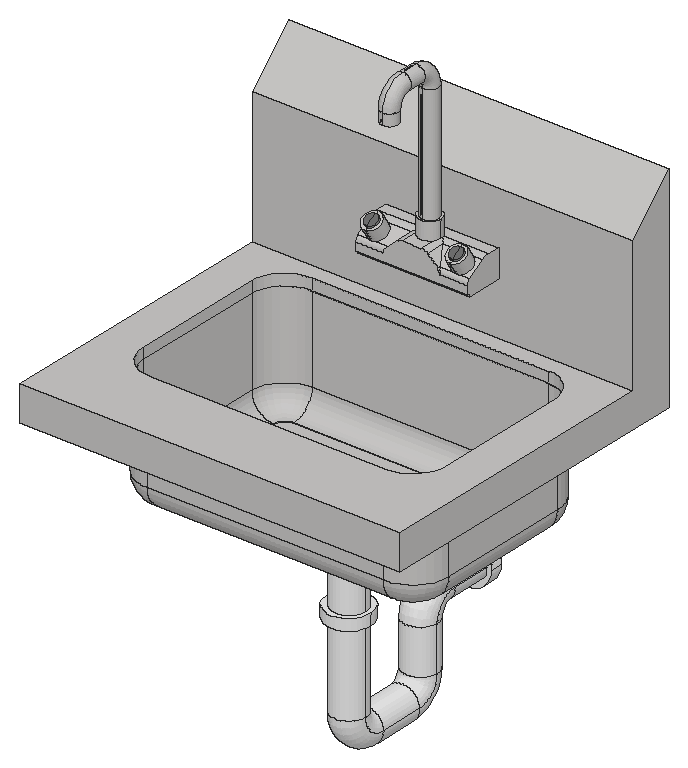
Revit family "QF_Vollrath_K1410-CP", category Specialty Equipment, Revit 2016
Family settings
  Part Type = Normal
  Round Connector Dimension = Use Diameter
  OmniClass Number = 23.40.40.14.31
  OmniClass Title = Cleaning and Disposal Equipment
  Work Plane-Based = Yes
  Always vertical = Yes
  Cut with Voids When Loaded = No
  Shared = No
  Room Calculation Point = No
Parameters
  Width = 1' - 5"
  Weight in Pounds = 0
  Watermarked By = "http://revitwatermark.com"
  URL Cutsheet = ""
  Status [instance] = ""
  Specification by User [instance] = ""
  Specification by Manufacturer [instance] = ""
  Sink Width = 1' - 1 9/16"
  Sink Depth = 0' - 9 1/16"
  Sink Basin Depth = 0' - 5 1/2"
  Serial Number [instance] = ""
  Seismic Rating [instance] = ""
  SMACNA No [instance] = ""
  Revision Code [instance] = ""
  Plumbing Remarks [instance] = ""
  Plumbing Connection Type [instance] = ""
  NAFEM Spec ID Number [instance] = ""
  Model = "K1410-CP"
  Masterspec [instance] = ""
  Manufacturer = "Vollrath"
  Item Number [instance] = "-"
  Installed By [instance] = ""
  Hot Water Temperature [instance] = 110 °F
  Hot Water Size = 1/2"
  Hot Water RI Height [instance] = 0' - 0"
  Hot Water Flow [instance] = 0.00 GPM
  Hot Water Consumption [instance] = 0.00 GPM
  Hot Water Connection Height [instance] = 0' - 0"
  Furnished By [instance] = ""
  Foodservice Equipment Identifier [instance] = yes
  Direct Waste Size = 2"
  Direct Waste RI Height [instance] = 0' - 0"
  Direct Waste Flow [instance] = 0.00 GPM
  Direct Waste Connection Height [instance] = 0' - 0"
  Description = "Wall-Mount Hand Sink"  # constant formula
  Depth = 1' - 3"
  Default Elevation = 4' - 0"
  Cold Water Size = 1/2"
  Cold Water RI Height [instance] = 0' - 0"
  Cold Water Flow [instance] = 0.00 GPM
  Cold Water Consumption [instance] = ""
  Cold Water Connection Height [instance] = 0' - 0"
  CSI MasterFormat = ""
Reference planes (in)
  plane 1 "BACK": y = 0
  plane 2 "BOTTOM": z = 0
  plane 3 "LEFT": x = 0
  plane 4 "RIGHT": x = 17
  plane 5 "FRONT": y = -15
  plane 6 "center 4": x = 8.5
  plane 7 "center": y = -7.25
  plane 8: y = -2
  plane 9 "center 3": y = -2.71875
  plane 10: y = -11.78125
  plane 11: x = 1.71875
  plane 12: x = 15.28125
  plane 13 "TOP": z = 8
  plane 14 "Sink Bottom": z = -5.5
  plane 15 "Bottom of Skirt": z = -1.5625
  plane 16 "PIPE 1": z = -9.75
  plane 17 "CENTER 1": x = 5.66667
  plane 18 "CENTER 2": x = 11.33333
  plane 19 "LEFT1": x = 6
  plane 20: x = 11
  plane 21 "FAUCET 1": z = 2.5
  plane 22: through (-240, -3.23915, 3.29975) normal (0, 0.848, 0.53)
  plane 23 "handle 1": x = 6.60093
  plane 24 "hsndle 2": x = 10.39907
  plane 25: z = -10.5
  plane 26 "PIPE1": through (-240, -6.01364, -13.32765) normal (0, -0.5592, 0.829)
  plane 27 "PIPE2": through (-240, -4.44185, -13.26124) normal (0, -0.7771, -0.6293)
Forms (in)
  Extrusion 1, solid, material "QF_Finishes_Stainless Steel"
    sketch origin (0, 0, -5.5) x (0, 1, 0) y (0, 0, 1)
      loop
        line (0, 13.5) -> (-2, 11.5) -> (-2, 3.9375) -> (0, 3.9375) -> (0, 13.5)
    from 0 to 17
  Extrusion 2, solid, material "QF_Finishes_Stainless Steel"
    sketch origin (0, 0, 0) x (1, 0, 0) y (0, 1, 0)
      loop
        line (0, -2) -> (0, -15) -> (17, -15) -> (17, -2) -> (0, -2)
      loop
        arc (3.21875, -2.71875) -> (2.15809, -3.15809) -> (1.71875, -4.21875) r 1.5
        line (1.71875, -4.21875) -> (1.71875, -10.28125)
        arc (1.71875, -10.28125) -> (2.15809, -11.34191) -> (3.21875, -11.78125) r 1.5
        line (3.21875, -11.78125) -> (13.78125, -11.78125)
        arc (13.78125, -11.78125) -> (14.84191, -11.34191) -> (15.28125, -10.28125) r 1.5
        line (15.28125, -10.28125) -> (15.28125, -4.21875)
        arc (15.28125, -4.21875) -> (14.84191, -3.15809) -> (13.78125, -2.71875) r 1.5
        line (13.78125, -2.71875) -> (3.21875, -2.71875)
    from 0 to -0.5
  Extrusion 3, void
    sketch origin (0, 0, -5.5) x (1, 0, 0) y (0, 0, 1)
      loop
        circle (10.5, 8.5) r 0.5
      loop
        circle (6.5, 8.5) r 0.5
    from 0 to 2
  Sweep 4, solid, material "QF_Finishes_Stainless Steel"
    path origin (0, 0, 0) x (1, 0, 0) y (0, 1, 0)
      loop
        arc (3.21875, -2.71875) -> (2.15809, -3.15809) -> (1.71875, -4.21875) r 1.5
        line (1.71875, -4.21875) -> (1.71875, -10.28125)
        arc (1.71875, -10.28125) -> (2.15809, -11.34191) -> (3.21875, -11.78125) r 1.5
        line (3.21875, -11.78125) -> (13.78125, -11.78125)
        arc (13.78125, -11.78125) -> (14.84191, -11.34191) -> (15.28125, -10.28125) r 1.5
        line (15.28125, -10.28125) -> (15.28125, -4.21875)
        arc (15.28125, -4.21875) -> (14.84191, -3.15809) -> (13.78125, -2.71875) r 1.5
        line (13.78125, -2.71875) -> (3.21875, -2.71875)
    profile origin (8.5, -2.71875, 0) x (0, 1, 0) y (0, 0, 1)
      loop
        line (0, -0.5) -> (0, -4.375)
        arc (0, -4.375) -> (-0.29289, -5.08211) -> (-1, -5.375) r 1
        line (-1, -5.375) -> (-1, -5.5)
        arc (-1, -5.5) -> (-0.2045, -5.1705) -> (0.125, -4.375) r 1.125
        line (0.125, -4.375) -> (0.125, -0.5) -> (0, -0.5)
  Extrusion 5, solid, material "QF_Finishes_Stainless Steel"
    sketch origin (0, 0, -5.5) x (-1, 0, 0) y (0, -1, 0)
      loop
        line (-13.78125, 3.71875) -> (-3.21875, 3.71875)
        arc (-3.21875, 3.71875) -> (-2.8652, 3.8652) -> (-2.71875, 4.21875) r 0.5
        line (-2.71875, 4.21875) -> (-2.71875, 10.28125)
        arc (-2.71875, 10.28125) -> (-2.8652, 10.6348) -> (-3.21875, 10.78125) r 0.5
        line (-3.21875, 10.78125) -> (-13.78125, 10.78125)
        arc (-13.78125, 10.78125) -> (-14.1348, 10.6348) -> (-14.28125, 10.28125) r 0.5
        line (-14.28125, 10.28125) -> (-14.28125, 4.21875)
        arc (-14.28125, 4.21875) -> (-14.1348, 3.8652) -> (-13.78125, 3.71875) r 0.5
      loop
        circle (-8.5, 7.25) r 1
    from 0 to 0.125
  Extrusion 6, solid, material "QF_Finishes_Stainless Steel"
    sketch origin (0, 0, -1.5625) x (-1, 0, 0) y (0, -1, 0)
      loop
        line (0, 2) -> (0, 15) -> (-17, 15) -> (-17, 2) -> (-16.75, 2) -> (-16.75, 14.75) -> (-0.25, 14.75) -> (-0.25, 2) -> (0, 2)
    from 0 to 1.0625
  Extrusion 7, solid, material "QF_Finishes_Stainless Steel"
    sketch origin (6, 0, 0) x (0, 1, 0) y (0, 0, 1)
      loop
        line (-2, 3.625) -> (-2.53209, 3.625)
        arc (-2.53209, 3.625) -> (-2.71152, 3.59978) -> (-2.87704, 3.52607) r 0.65086
        line (-2.87704, 3.52607) -> (-3.60125, 3.07344)
        arc (-3.60125, 3.07344) -> (-3.68741, 2.98263) -> (-3.71875, 2.86144) r 0.25
        line (-3.71875, 2.86144) -> (-3.71875, 2.5) -> (-3.59375, 2.5) -> (-3.59375, 2.375) -> (-2, 2.375) -> (-2, 3.625)
    from 0 to 5
  Extrusion 8, solid, material "QF_Finishes_Stainless Steel"
    sketch origin (0, 0, 0) x (1, 0, 0) y (0, 0, 1)
      loop
        arc (8.08041, 3.625) -> (7.91541, 3.59218) -> (7.77553, 3.49872) r 0.43115
        line (7.77553, 3.49872) -> (7.29307, 3.01626)
        arc (7.29307, 3.01626) -> (7.21525, 2.89979) -> (7.18792, 2.7624) r 0.35901
        line (7.18792, 2.7624) -> (7.18792, 2.5) -> (9.75013, 2.5) -> (9.75013, 2.80672)
        arc (9.75013, 2.80672) -> (9.72066, 2.95487) -> (9.63674, 3.08047) r 0.38715
        line (9.63674, 3.08047) -> (9.21488, 3.50233)
        arc (9.21488, 3.50233) -> (9.079, 3.59312) -> (8.91873, 3.625) r 0.41881
        line (8.91873, 3.625) -> (8.08041, 3.625)
    from 0 to 3.71875
  Revolve 9, solid, material "QF_Finishes_Stainless Steel"
    sketch origin (-10.68365, -2.71875, 48) x (-1, 0, 0) y (0, 0, 1)
      loop
        line (-19.18365, -44.375) -> (-18.68365, -44.375) -> (-18.68365, -43.625) -> (-18.80865, -43.625) -> (-18.80865, -43.75) -> (-19.18365, -43.75) -> (-19.18365, -44.375)
      axis (-19.18365, -43.625) -> (-19.18365, -44.375)
    angle from 0 to 360
  Sweep 10, solid, material "QF_Finishes_Stainless Steel"
    path origin (8.5, 0, 0) x (0, 1, 0) y (0, 0, 1)
      loop
        line (-2.71875, 4.375) -> (-2.71875, 9.625)
        arc (-2.71875, 9.625) -> (-2.93842, 10.15533) -> (-3.46875, 10.375) r 0.75
        line (-3.46875, 10.375) -> (-4.21875, 10.375)
        arc (-4.21875, 10.375) -> (-4.74908, 10.15533) -> (-4.96875, 9.625) r 0.75
        line (-4.96875, 9.625) -> (-4.96875, 9.125)
    profile origin (8.5, -2.71875, 7) x (0, -1, 0) y (1, 0, 0)
      loop
        circle (0, 0) r 0.375
      loop
        circle (0, 0) r 0.3125
  Revolve 11, solid, material "QF_Finishes_Stainless Steel"
    sketch origin (6.60093, 0, 0) x (0, 0, -1) y (0, -1, 0)
      loop
        line (-4.07897, 3.2226) -> (-3.52607, 2.87704) -> (-3.29975, 3.23915) -> (-3.74665, 3.51846) -> (-3.89887, 3.27492) -> (-4.00487, 3.34117) -> (-4.07897, 3.2226)
      axis (-3.85265, 3.58471) -> (-3.29975, 3.23915)
    angle from 0 to 360
  Revolve 12, solid, material "QF_Finishes_Stainless Steel"
    sketch origin (10.39907, 0, 0) x (0, 0, -1) y (0, -1, 0)
      loop
        line (-3.29975, 3.23915) -> (-3.74665, 3.51846) -> (-3.89887, 3.27492) -> (-4.00487, 3.34117) -> (-4.07899, 3.22257) -> (-3.52609, 2.87701) -> (-3.29975, 3.23915)
      axis (-3.29975, 3.23915) -> (-3.85265, 3.58471)
    angle from 0 to 360
  Revolve 13, solid, material "QF_Finishes_Rubber Black"
    sketch origin (6.60093, 0, 0) x (0, 0, -1) y (0, -1, 0)
      loop
        line (-3.85265, 3.58471) -> (-3.90565, 3.61783) -> (-4.05787, 3.37429) -> (-4.00487, 3.34117) -> (-3.85265, 3.58471)
      axis (-3.85265, 3.58471) -> (-3.90565, 3.61783)
    angle from 0 to 360
  Revolve 14, solid, material "QF_Finishes_Rubber Black"
    sketch origin (10.39907, 0, 0) x (0, 0, -1) y (0, -1, 0)
      loop
        line (-3.85265, 3.58471) -> (-3.90565, 3.61783) -> (-4.05787, 3.37429) -> (-4.00487, 3.34117) -> (-3.85265, 3.58471)
      axis (-3.85265, 3.58471) -> (-3.90565, 3.61783)
    angle from 0 to 360
  Sweep 15, solid, material "QF_Finishes_White"
    path origin (8.5, 0, 0) x (0, 1, 0) y (0, 0, 1)
      loop
        line (-7.25, -5.5) -> (-7.25, -13.5)
        arc (-7.25, -13.5) -> (-6.95711, -14.20711) -> (-6.25, -14.5) r 1
        line (-6.25, -14.5) -> (-4.25, -14.5)
        arc (-4.25, -14.5) -> (-3.54289, -14.20711) -> (-3.25, -13.5) r 1
        line (-3.25, -13.5) -> (-3.25, -11.5)
        arc (-3.25, -11.5) -> (-2.95711, -10.79289) -> (-2.25, -10.5) r 1
        line (-2.25, -10.5) -> (0, -10.5)
    profile origin (8.5, -7.25, -9.5) x (1, 0, 0) y (0, 1, 0)
      loop
        circle (0, 0) r 0.75
      loop
        circle (0, 0) r 0.625
  Extrusion 16, solid, material "QF_Finishes_White"
    sketch origin (0, 0, 0) x (1, 0, 0) y (0, 0, 1)
      loop
        circle (8.5, -10.5) r 1
    from 0 to 0.5
  Extrusion 17, solid, material "QF_Finishes_White"
    sketch origin (0, 0, -9.75) x (-1, 0, 0) y (0, -1, 0)
      loop
        circle (-8.5, 7.25) r 1
      loop
        circle (-8.5, 7.25) r 0.75
    from 0 to 0.5
  Extrusion 18, solid, material "QF_Finishes_White"
    sketch origin (0, 0, -5.5) x (-1, 0, 0) y (0, -1, 0)
      loop
        circle (-8.5, 7.25) r 1
      loop
        circle (-8.5, 7.25) r 0.75
    from 0 to -0.5
Cuts and joins
  Extrusion 3 cuts Extrusion 1
  Extrusion 3 cuts Extrusion 2
  joined: Extrusion 1, Extrusion 2, Extrusion 6
  joined: Extrusion 7, Extrusion 8
Lines and regions (in)
  symbolic lines
    curve 1: line (0, 0, -5.5) -> (17, 0, -5.5)
    curve 2: line (0, -15, -5.5) -> (0, 0, -5.5)
    curve 3: line (17, -15, -5.5) -> (0, -15, -5.5)
    curve 4: line (17, 0, -5.5) -> (17, -15, -5.5)
  symbolic lines, style "QF_Surface Details"
    curve 5: line (0, -2, -5.5) -> (17, -2, -5.5)
    curve 6: line (13.78125, -2.71875, -5.5) -> (3.21875, -2.71875, -5.5)
    curve 7: arc (1.71875, -4.21875, -5.5) -> (2.15809, -3.15809, -5.5) -> (3.21875, -2.71875, -5.5) r 1.5
    curve 8: line (1.71875, -4.21875, -5.5) -> (1.71875, -10.28125, -5.5)
    curve 9: arc (3.21875, -11.78125, -5.5) -> (2.15809, -11.34191, -5.5) -> (1.71875, -10.28125, -5.5) r 1.5
    curve 10: line (3.21875, -11.78125, -5.5) -> (13.78125, -11.78125, -5.5)
    curve 11: arc (15.28125, -10.28125, -5.5) -> (14.84191, -11.34191, -5.5) -> (13.78125, -11.78125, -5.5) r 1.5
    curve 12: line (15.28125, -10.28125, -5.5) -> (15.28125, -4.21875, -5.5)
    curve 13: arc (13.78125, -2.71875, -5.5) -> (14.84191, -3.15809, -5.5) -> (15.28125, -4.21875, -5.5) r 1.5
    curve 14: circle (8.5, -7.25, -5.5) r 1 normal (0, 0, -1)
Dimensions and locks (in)
  "Width": plane 3 "LEFT" to plane 4 "RIGHT"
  "Depth": plane 5 "FRONT" to plane 1 "BACK"
  locked: plane 8 to plane 1 "BACK" at 2
  equal spacing: plane 9 "center 3", plane 7 "center", plane 10
  "Sink Depth": plane 9 "center 3" to plane 10
  equal spacing: plane 3 "LEFT", plane 6 "center 4", plane 4 "RIGHT"
  equal spacing: plane 11, plane 6 "center 4", plane 12
  "Sink Width": plane 11 to plane 12
  locked: plane 13 "TOP" to level at 8
  "Sink Basin Depth": level to plane 14 "Sink Bottom"
  locked: Extrusion 1 sketch curve to plane 13 "TOP" at 2
  locked: Extrusion 3 sketch curve to level at 3  (x2)
  locked: Extrusion 3 sketch curve to plane 6 "center 4" at 2
  locked: plane 6 "center 4" to Extrusion 3 sketch curve at 2
  locked: level to plane 15 "Bottom of Skirt" at 1.5625
  locked: level to Sweep 4 sketch curve at 0.5
  locked: Sweep 4 sketch curve to plane 9 "center 3" at 0.125
  locked: plane 14 "Sink Bottom" to Sweep 4 sketch curve at 0.125
  plane 11 to plane 12 = 1' - 1 9/16"
  plane 9 "center 3" to plane 10 = 0' - 9 1/16"
  locked: plane 3 "LEFT" to Extrusion 6 sketch curve at 0.25
  locked: plane 5 "FRONT" to Extrusion 6 sketch curve at 0.25
  locked: Extrusion 6 sketch curve to plane 4 "RIGHT" at 0.25
  locked: plane 8 to plane 9 "center 3" at 0.71875
  equal spacing: plane 3 "LEFT", plane 17 "CENTER 1", plane 18 "CENTER 2", plane 4 "RIGHT"
  aligned and locked: level to plane 2 "BOTTOM"
  aligned and locked: plane 4 "RIGHT" to Extrusion 1
  aligned: plane 9 "center 3" to cut or joined group of Extrusion 1, Extrusion 2, Extrusion 3, Extrusion 6
  aligned and locked: Extrusion 3 to plane 8
  aligned and locked: plane 1 "BACK" to Extrusion 1 sketch curve
  aligned and locked: plane 8 to Extrusion 1 sketch curve
  aligned and locked: plane 3 "LEFT" to Extrusion 2 sketch curve
  aligned and locked: Extrusion 2 sketch curve to plane 8
  aligned and locked: Extrusion 2 sketch curve to plane 4 "RIGHT"
  aligned and locked: Extrusion 2 sketch curve to plane 5 "FRONT"
  aligned and locked: Extrusion 2 sketch curve to plane 9 "center 3"
  aligned and locked: plane 11 to Extrusion 2 sketch curve
  aligned and locked: plane 10 to Extrusion 2 sketch curve
  aligned and locked: Extrusion 2 sketch curve to plane 12
  aligned and locked: Sweep 4 sketch curve to plane 9 "center 3"
  aligned and locked: plane 11 to Sweep 4 sketch curve
  aligned and locked: plane 10 to Sweep 4 sketch curve
  aligned and locked: Sweep 4 sketch curve to plane 12
  aligned and locked: plane 9 "center 3" to Sweep 4 sketch curve
  aligned and locked: plane 14 "Sink Bottom" to Sweep 4 sketch curve
  aligned and locked: Extrusion 5 sketch curve to Sweep 4  (x4)
  aligned and locked: plane 8 to Extrusion 6 sketch curve  (x2)
  aligned and locked: plane 4 "RIGHT" to Extrusion 6 sketch curve
  aligned and locked: plane 5 "FRONT" to Extrusion 6 sketch curve
  aligned and locked: Extrusion 6 sketch curve to plane 3 "LEFT"
  aligned and locked: Extrusion 1 sketch curve to plane 15 "Bottom of Skirt"
  aligned and locked: plane 20 to Extrusion 7
  aligned and locked: Revolve 9 sketch curve to plane 6 "center 4"
Automatic sketch dimensions
  Extrusion 1 sketch curve to Extrusion 1 sketch curve = 0' - 2"
  plane 11 to Extrusion 2 sketch curve = 0' - 1 1/2"  (x2)
  plane 10 to Extrusion 2 sketch curve = 0' - 1 1/2"
  Extrusion 2 sketch curve to plane 12 = 0' - 1 1/2"
  plane 11 to Sweep 4 sketch curve = 0' - 1 1/2"  (x2)
  Sweep 4 sketch curve to plane 12 = 0' - 1 1/2"
  Sweep 4 sketch curve to plane 9 "center 3" = 0' - 1 1/2"
  Sweep 4 sketch curve to Sweep 4 sketch curve = 0' - 1"
  Extrusion 7 sketch curve to plane 8 = 0' - 0"
  plane 9 "center 3" to Extrusion 7 sketch curve = 0' - 0.18666"
  Extrusion 7 sketch curve to plane 9 "center 3" = 0' - 0.15829"
  Extrusion 7 sketch curve to plane 9 "center 3" = 0' - 0 3/4"
  Extrusion 7 sketch curve to Extrusion 7 sketch curve = 0' - 0 1/8"  (x2)
  Extrusion 7 sketch curve to Extrusion 7 sketch curve = 0' - 0.1325"
  Extrusion 7 sketch curve to Extrusion 7 sketch curve = 0' - 0.1175"
  level to Extrusion 7 sketch curve = 0' - 2 3/8"
  Extrusion 7 sketch curve to Extrusion 7 sketch curve = 0' - 0.36144"
  Extrusion 7 sketch curve to Extrusion 7 sketch curve = 0' - 0.59914"
  Extrusion 7 sketch curve to Extrusion 7 sketch curve = 0' - 0.55193"
  Extrusion 8 sketch curve to plane 21 "FAUCET 1" = 0' - 0"
  Extrusion 8 sketch curve to plane 6 "center 4" = 0' - 1.31208"
  Extrusion 8 sketch curve to Extrusion 8 sketch curve = 0' - 0.10515"
  Extrusion 8 sketch curve to Extrusion 8 sketch curve = 0' - 0.25386"
  Extrusion 8 sketch curve to Extrusion 8 sketch curve = 0' - 0.48246"
  Extrusion 8 sketch curve to plane 6 "center 4" = 0' - 0.41959"
  plane 6 "center 4" to Extrusion 8 sketch curve = 0' - 0.41873"
  Extrusion 8 sketch curve to Extrusion 8 sketch curve = 0' - 0.29615"
  Extrusion 8 sketch curve to Extrusion 8 sketch curve = 0' - 0.44426"
  Extrusion 8 sketch curve to plane 21 "FAUCET 1" = 0' - 0.58047"
  Extrusion 8 sketch curve to Extrusion 8 sketch curve = 0' - 0.27375"
  Extrusion 8 sketch curve to Extrusion 8 sketch curve = 0' - 0.38715"
  Extrusion 8 sketch curve to plane 21 "FAUCET 1" = 0' - 0.2624"
  Extrusion 8 sketch curve to Extrusion 8 sketch curve = 0' - 0.43145"
  Extrusion 8 sketch curve to Extrusion 8 sketch curve = 0' - 0.01234"
  Extrusion 8 sketch curve to Extrusion 8 sketch curve = 0' - 0.30487"
  Extrusion 5 sketch curve to plane 7 "center" = 0' - 0"
  Extrusion 5 sketch curve to Extrusion 5 sketch curve = 0' - 0 1/2"  (x4)
  Revolve 9 sketch curve to plane 6 "center 4" = 0' - 0"
  Revolve 9 sketch curve to Revolve 9 sketch curve = 0' - 0 3/8"
  Revolve 9 sketch curve to Revolve 9 sketch curve = 0' - 0 1/2"
  Revolve 9 sketch curve to plane 21 "FAUCET 1" = 0' - 1 1/8"
  Revolve 9 sketch curve to Revolve 9 sketch curve = 0' - 0"
  Revolve 9 sketch curve to Revolve 9 sketch curve = 0' - 0 5/8"
  Revolve 9 sketch curve to Revolve 9 sketch curve = 0' - 0 1/8"  (x2)
  Sweep 10 sketch curve to plane 6 "center 4" = 0' - 0"
  Sweep 10 sketch curve to profile plane = 0' - 0"
  Sweep 10 sketch curve to Sweep 10 sketch curve = 0' - 0"  (x3)
  Sweep 10 sketch curve to plane 9 "center 3" = 0' - 0"
  Sweep 10 sketch curve to plane 9 "center 3" = 0' - 0 3/4"
  Sweep 10 sketch curve to Sweep 10 sketch curve = 0' - 0 3/4"
  Sweep 10 sketch curve to plane 21 "FAUCET 1" = 0' - 1 7/8"
  Sweep 10 sketch curve to plane 13 "TOP" = 0' - 1 1/8"
  Sweep 10 sketch curve to Sweep 10 sketch curve = 0' - 0 1/2"
  Revolve 12 sketch curve to plane 22 = 0' - 0"  (x4)
  plane 9 "center 3" to Revolve 12 sketch curve = 0' - 0.50382"
  Revolve 12 sketch curve to Revolve 12 sketch curve = 0' - 0.07412"
  plane 9 "center 3" to Revolve 12 sketch curve = 0' - 0.55617"
  plane 9 "center 3" to Revolve 12 sketch curve = 0' - 0.86596"
  plane 9 "center 3" to Revolve 12 sketch curve = 0' - 0.15826"
  plane 9 "center 3" to Revolve 12 sketch curve = 0' - 0.5204"  (x2)
  Revolve 14 sketch curve to plane 22 = 0' - 0"  (x4)
  plane 9 "center 3" to Revolve 14 sketch curve = 0' - 0.62242"
  Revolve 14 sketch curve to Revolve 14 sketch curve = 0' - 0.053"
  plane 9 "center 3" to Revolve 14 sketch curve = 0' - 0.93788"
  plane 9 "center 3" to Revolve 14 sketch curve = 0' - 0.86596"  (x2)
  Revolve 13 sketch curve to plane 22 = 0' - 0"  (x4)
  Revolve 13 sketch curve to plane 9 "center 3" = 0' - 0.65554"
  Revolve 13 sketch curve to plane 21 "FAUCET 1" = 0' - 1.55787"
  Revolve 13 sketch curve to plane 9 "center 3" = 0' - 0.96251"
  Revolve 13 sketch curve to plane 9 "center 3" = 0' - 0.62242"
  Revolve 13 sketch curve to plane 9 "center 3" = 0' - 0.88247"
  Revolve 11 sketch curve to plane 22 = 0' - 0"  (x4)
  Revolve 11 sketch curve to plane 9 "center 3" = 0' - 0.50385"
  Revolve 11 sketch curve to plane 9 "center 3" = 0' - 0.62242"
  Revolve 11 sketch curve to plane 9 "center 3" = 0' - 0.55617"
  Revolve 11 sketch curve to plane 9 "center 3" = 0' - 0.79971"
  Revolve 11 sketch curve to plane 9 "center 3" = 0' - 0.15829"
  Revolve 11 sketch curve to plane 9 "center 3" = 0' - 0.53471"
  Revolve 11 sketch curve to plane 9 "center 3" = 0' - 0.5204"
  Sweep 15 sketch curve to plane 6 "center 4" = 0' - 0"
  profile plane to Sweep 15 sketch curve = 0' - 0"
  Sweep 15 sketch curve to Sweep 15 sketch curve = 0' - 0"  (x2)
  Extrusion 16 sketch curve to plane 6 "center 4" = 0' - 0"
  Extrusion 16 sketch curve to plane 25 = 0' - 0"
  Extrusion 17 sketch curve to plane 6 "center 4" = 0' - 0"
  Extrusion 17 sketch curve to plane 7 "center" = 0' - 0"
  Extrusion 17 sketch curve to Extrusion 17 sketch curve = 0' - 0"  (x2)
  Extrusion 5 sketch curve to plane 18 "CENTER 2" = 0' - 2.83333"
  Sweep 15 sketch curve to plane 7 "center" = 0' - 0"
  plane 25 to Sweep 15 sketch curve = 0' - 0"
  Sweep 15 sketch curve to plane 1 "BACK" = 0' - 0"
  plane 14 "Sink Bottom" to Sweep 15 sketch curve = 0' - 0"
  plane 7 "center" to Sweep 15 sketch curve = 0' - 1"
  Sweep 15 sketch curve to plane 9 "center 3" = 0' - 1 17/32"
  Sweep 15 sketch curve to plane 9 "center 3" = 0' - 0 17/32"
  Sweep 15 sketch curve to plane 8 = 0' - 0 1/4"
  Sweep 15 sketch curve to Sweep 15 sketch curve = 0' - 2"
  Extrusion 18 sketch curve to Extrusion 18 sketch curve = 0' - 0"  (x2)
  Extrusion 18 sketch curve to plane 6 "center 4" = 0' - 0"
  Extrusion 18 sketch curve to plane 7 "center" = 0' - 0"
  plane 1 "BACK" to curve 1 = 0' - 0"
  curve 1 to plane 4 "RIGHT" = 0' - 0"
  curve 11 to plane 12 = 0' - 0"
  curve 6 to plane 9 "center 3" = 0' - 0"
  curve 11 to plane 10 = 0' - 0"
  curve 14 to plane 6 "center 4" = 0' - 0"
  curve 9 to plane 11 = 0' - 0"
  curve 3 to plane 3 "LEFT" = 0' - 0"
  curve 5 to plane 8 = 0' - 0"
  curve 14 to plane 7 "center" = 0' - 0"
  plane 5 "FRONT" to curve 3 = 0' - 0"
  curve 6 to plane 12 = 0' - 1 1/2"
  curve 11 to plane 12 = 0' - 1 1/2"
  plane 11 to curve 10 = 0' - 1 1/2"
  curve 7 to curve 8 = 0' - 1 1/2"
  radius of Extrusion 3 sketch curve = 0' - 0 1/2"  (x2)
  radius of Extrusion 5 sketch curve = 0' - 1"
  radius of Sweep 10 sketch curve = 0' - 0 3/8"
  radius of Sweep 10 sketch curve = 0' - 0 5/16"
  radius of Sweep 15 sketch curve = 0' - 0 3/4"
  radius of Sweep 15 sketch curve = 0' - 0 5/8"
  radius of Extrusion 16 sketch curve = 0' - 1"
  radius of Extrusion 17 sketch curve = 0' - 1"
  radius of Extrusion 17 sketch curve = 0' - 0 3/4"
  radius of Extrusion 18 sketch curve = 0' - 1"
  radius of Extrusion 18 sketch curve = 0' - 0 3/4"
  radius of curve 14 = 0' - 1"
Connectors (in)
  piping at (8.5, 0, -10.5), diameter 2, driven by "Direct Waste Flow"
    settings: on Extrusion 16, index 1, connector inside diameter 2", connector length 0' - 0", flow factor 0, pipe flow 0.00 GPM, pressure drop 0.00 psi, fitting loss kfactor 0, connector angle 0.00°, fixture units 0, engagement length 0' - 0", angle of deflection 0.00°, flow configuration 1, flow direction 2, fitting loss method 0, system type 16, joint type 0, gender type 0, connector reference index -1, connector utility 0, adjustable connector no, is connector primary yes, connector description "DW"
  piping at (10.5, 0, 3), diameter 0.5, driven by "Cold Water Flow"
    settings: on cut or joined group of Extrusion 1, Extrusion 2, Extrusion 3, Extrusion 6, index 2, connector inside diameter 1/2", connector length 0' - 0", flow factor 0, pipe flow 0.00 GPM, pressure drop 0.00 psi, fitting loss kfactor 0, connector angle 0.00°, fixture units 0, engagement length 0' - 0", angle of deflection 0.00°, flow configuration 1, flow direction 1, fitting loss method 0, system type 20, joint type 0, gender type 0, connector reference index -1, connector utility 0, adjustable connector no, is connector primary no, connector description "COLD WATER"
  piping at (6.5, 0, 3), diameter 0.5, driven by "Hot Water Flow"
    settings: on cut or joined group of Extrusion 1, Extrusion 2, Extrusion 3, Extrusion 6, index 3, connector inside diameter 1/2", connector length 0' - 0", flow factor 0, pipe flow 0.00 GPM, pressure drop 0.00 psi, fitting loss kfactor 0, connector angle 0.00°, fixture units 0, engagement length 0' - 0", angle of deflection 0.00°, flow configuration 1, flow direction 1, fitting loss method 0, system type 19, joint type 0, gender type 0, connector reference index -1, connector utility 0, adjustable connector no, is connector primary no, connector description "HOT WATER"
